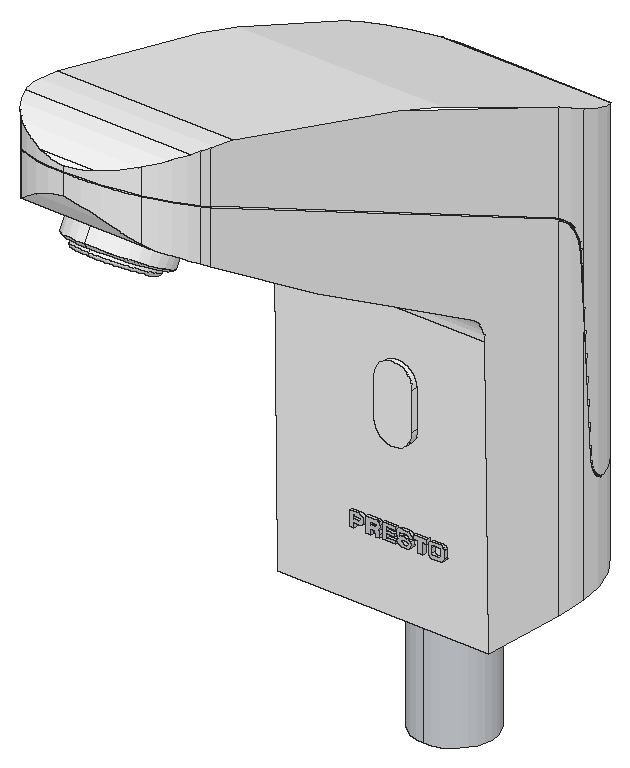
Revit family "55050-presto", category Plumbing Fixtures, Revit 2022
Family settings
  Round Connector Dimension = Use Diameter
  Part Type = Normal
  Work Plane-Based = Yes
  Always vertical = Yes
  Cut with Voids When Loaded = No
  Maintain Annotation Orientation = No
  Shared = No
  Room Calculation Point = No
Parameters (values of type "55050-Les Robinets PRESTO")
  ref = "55050 - PRESTO VOLTA"
  range = "Single deck-mounted sensor tap"
  brand = "Les Robinets PRESTO"
  Working Pressure [instance] = 5 bar
  URL = "https://www.prestodatashare.com/espacedoc/Fiches_Techniques/GB/55050.pdf"
  Thermal resistance [instance] = "Resistant to a temperature of 75°C for 30-minute-thermal-shocks"
  Standards & approvals [instance] = "Molded chrome-plated body in accordance with EN 12540\r\n200-hour neutral salt spray resistant (NSS) in accordance with ISO 9227"
  Security [instance] = "Anti-overflow security time: 30 seconds\r\nAnti-blocking system preventing the water to flow continuously"
  Ref [instance] = "55050 - PRESTO VOLTA"
  Range [instance] = "Single deck-mounted sensor tap"
  Operation [instance] = "Simple press on the lever to activate the water flow"
  Model = "55060"
  Materials [instance] = Stainless Steel AISI 304
  Hydraulic Supply [instance] = 17.00 mm
  Flow Time [instance] = 15.0 s
  Flow [instance] = 3 L/min
  Description = "Simple press on the lever to activate the water flow"
  Delivered with [instance] = "1 Brass clamping nut\r\n1 Gasket and 1 Washer\r\n1 Hose with revolving nut\r\n1 Stop valve MM G 3/8\" (12x17)\r\n1 Filter gasket\r\n1 Self-adhesive sticker\r\nInstruction manual"
  Default Elevation = 1219.2 mm
Reference planes
  plane 1 "Center (Front/Back)": y = 0
  plane 2: z = 0
  plane 3 "Center (Left/Right)": x = 0
  plane 4: z = 0
Forms (mm)
  Extrusion 1, void
    sketch origin (-44.88, -177.543, 0) x (1, 0, 0) y (0, 1, 0)
      loop
        line (17.287, 179.101) -> (23.519, 72.377)
        arc (23.519, 72.377) -> (23.65, 70.998) -> (23.88, 69.633) r 19.121
        arc (23.88, 69.633) -> (26.289, 63.479) -> (30.54, 58.419) r 20.384
        arc (30.54, 58.419) -> (37.893, 54.115) -> (46.287, 52.652) r 23.989
        arc (46.287, 52.652) -> (54.681, 54.114) -> (62.034, 58.419) r 23.984
        arc (62.034, 58.419) -> (66.283, 63.48) -> (68.693, 69.633) r 20.415
        arc (68.693, 69.633) -> (68.924, 70.999) -> (69.054, 72.378) r 19.129
        line (69.054, 72.378) -> (75.287, 179.101)
        arc (75.287, 179.101) -> (75.504, 183.214) -> (75.287, 187.328) r 39.003
        arc (75.287, 187.328) -> (66.216, 207.069) -> (46.287, 215.719) r 30.41
        arc (46.287, 215.719) -> (26.358, 207.069) -> (17.287, 187.328) r 30.41
        arc (17.287, 187.328) -> (17.069, 183.214) -> (17.287, 179.101) r 39.003
      loop
        line (-18.286, 47.118) -> (103.424, 47.118) -> (145.04, 227.376) -> (100.504, 227.376) -> (-43.62, 227.376) -> (-18.286, 47.118)
    from -52.245 to 204.264
  Extrusion 2, solid, not visible
    sketch origin (0, 0, 0) x (0, 1, 0) y (0, 0, 1)
      loop
        arc (203.81, 568.068) -> (142.834, 595.483) -> (78.745, 614.519) r 500
        arc (78.745, 614.519) -> (72.694, 615.577) -> (66.563, 615.961) r 55.671
        arc (66.563, 615.961) -> (59.716, 615.207) -> (53.231, 612.884) r 29.457
        arc (53.231, 612.884) -> (52.098, 612.069) -> (51.284, 610.936) r 4.324
        line (51.284, 610.936) -> (177.783, 554.683)
        arc (177.783, 554.683) -> (183.49, 549.928) -> (186.009, 542.94) r 14.176
        line (186.009, 542.94) -> (189.497, 493.06)
        arc (189.497, 493.06) -> (192.022, 487.767) -> (197.478, 485.618) r 8
        line (197.478, 485.618) -> (216.111, 485.618) -> (214.4, 550.94)
        arc (214.4, 550.94) -> (211.418, 560.934) -> (203.81, 568.068) r 20
    from 4.189 to 90.556
  Extrusion 3, void, not visible
    sketch origin (-0.504, -0.575, 0) x (1, 0, 0) y (0, 1, 0)
      loop
        line (17.287, 179.101) -> (23.519, 72.377)
        arc (23.519, 72.377) -> (23.65, 70.998) -> (23.88, 69.633) r 19.121
        arc (23.88, 69.633) -> (26.289, 63.479) -> (30.54, 58.419) r 20.384
        arc (30.54, 58.419) -> (37.893, 54.115) -> (46.287, 52.652) r 23.989
        arc (46.287, 52.652) -> (54.681, 54.114) -> (62.034, 58.419) r 23.984
        arc (62.034, 58.419) -> (66.283, 63.48) -> (68.693, 69.633) r 20.415
        arc (68.693, 69.633) -> (68.924, 70.999) -> (69.054, 72.378) r 19.129
        line (69.054, 72.378) -> (75.287, 179.101)
        arc (75.287, 179.101) -> (75.504, 183.214) -> (75.287, 187.328) r 39.003
        arc (75.287, 187.328) -> (66.216, 207.069) -> (46.287, 215.719) r 30.41
        arc (46.287, 215.719) -> (26.358, 207.069) -> (17.287, 187.328) r 30.41
        arc (17.287, 187.328) -> (17.069, 183.214) -> (17.287, 179.101) r 39.003
      loop
        line (0.837, 47.118) -> (94.638, 47.118) -> (136.254, 227.376) -> (100.504, 227.376) -> (-24.496, 227.376) -> (0.837, 47.118)
    from 411.721 to 751.996
  Extrusion 4, solid, not visible
    sketch origin (0, -139.425, 0) x (0, 1, 0) y (0, 0, 1)
      loop
        arc (203.81, 568.068) -> (142.834, 595.483) -> (78.745, 614.519) r 500
        arc (78.745, 614.519) -> (72.694, 615.577) -> (66.563, 615.961) r 55.671
        arc (66.563, 615.961) -> (59.716, 615.207) -> (53.231, 612.884) r 29.457
        arc (53.231, 612.884) -> (52.098, 612.069) -> (51.284, 610.936) r 4.324
        line (51.284, 610.936) -> (177.783, 554.683)
        arc (177.783, 554.683) -> (183.49, 549.928) -> (186.009, 542.94) r 14.176
        line (186.009, 542.94) -> (189.497, 493.06)
        arc (189.497, 493.06) -> (192.022, 487.767) -> (197.478, 485.618) r 8
        line (197.478, 485.618) -> (216.111, 485.618) -> (214.4, 550.94)
        arc (214.4, 550.94) -> (211.418, 560.934) -> (203.81, 568.068) r 20
    from 4.189 to 90.556
  Extrusion 5, solid, not visible
    sketch origin (0, -140, 0) x (0, 1, 0) y (0, 0, 1)
      loop
        line (216.111, 485.618) -> (197.478, 485.618)
        arc (197.478, 485.618) -> (192.022, 487.767) -> (189.497, 493.06) r 8
        line (189.497, 493.06) -> (186.009, 542.94)
        arc (186.009, 542.94) -> (183.49, 549.928) -> (177.783, 554.683) r 14.176
        line (177.783, 554.683) -> (51.284, 610.936)
        arc (51.284, 610.936) -> (53.856, 602.332) -> (59.55, 595.389) r 22.801
        line (59.55, 595.389) -> (105.221, 567.493)
        arc (105.221, 567.493) -> (128.624, 554.333) -> (152.231, 541.542) r 1709.935
        arc (152.231, 541.542) -> (155.296, 538.659) -> (156.474, 534.618) r 8
        line (156.474, 534.618) -> (157.766, 460.618) -> (216.766, 460.618) -> (216.111, 485.618)
    from 0 to 83.888
  Extrusion 6, void, not visible
    sketch origin (0, -140, 0) x (1, 0, 0) y (0, 1, 0)
      loop
        line (17.287, 179.101) -> (23.519, 72.377)
        arc (23.519, 72.377) -> (23.65, 70.998) -> (23.88, 69.633) r 19.121
        arc (23.88, 69.633) -> (26.289, 63.479) -> (30.54, 58.419) r 20.384
        arc (30.54, 58.419) -> (37.893, 54.115) -> (46.287, 52.652) r 23.989
        arc (46.287, 52.652) -> (54.681, 54.114) -> (62.034, 58.419) r 23.984
        arc (62.034, 58.419) -> (66.283, 63.48) -> (68.693, 69.633) r 20.415
        arc (68.693, 69.633) -> (68.924, 70.999) -> (69.054, 72.378) r 19.129
        line (69.054, 72.378) -> (75.287, 179.101)
        arc (75.287, 179.101) -> (75.504, 183.214) -> (75.287, 187.328) r 39.003
        arc (75.287, 187.328) -> (66.216, 207.069) -> (46.287, 215.719) r 30.41
        arc (46.287, 215.719) -> (26.358, 207.069) -> (17.287, 187.328) r 30.41
        arc (17.287, 187.328) -> (17.069, 183.214) -> (17.287, 179.101) r 39.003
      loop
        line (-18.286, 47.118) -> (103.424, 47.118) -> (145.04, 227.376) -> (100.504, 227.376) -> (-43.62, 227.376) -> (-18.286, 47.118)
    from 411.721 to 751.996
  Extrusion 7, solid, not visible
    sketch origin (0, -139.425, 0) x (0, 1, 0) y (0, 0, 1)
      loop
        arc (203.81, 568.068) -> (142.834, 595.483) -> (78.745, 614.519) r 500
        arc (78.745, 614.519) -> (72.694, 615.577) -> (66.563, 615.961) r 55.671
        arc (66.563, 615.961) -> (59.716, 615.207) -> (53.231, 612.884) r 29.457
        arc (53.231, 612.884) -> (52.098, 612.069) -> (51.284, 610.936) r 4.324
        line (51.284, 610.936) -> (177.783, 554.683)
        arc (177.783, 554.683) -> (183.49, 549.928) -> (186.009, 542.94) r 14.176
        line (186.009, 542.94) -> (189.497, 493.06)
        arc (189.497, 493.06) -> (192.022, 487.767) -> (197.478, 485.618) r 8
        line (197.478, 485.618) -> (216.111, 485.618) -> (214.4, 550.94)
        arc (214.4, 550.94) -> (211.418, 560.934) -> (203.81, 568.068) r 20
    from 4.189 to 90.556
  Extrusion 8, solid, not visible
    sketch origin (0, -140, 0) x (0, 1, 0) y (0, 0, 1)
      loop
        line (216.111, 485.618) -> (197.478, 485.618)
        arc (197.478, 485.618) -> (192.022, 487.767) -> (189.497, 493.06) r 8
        line (189.497, 493.06) -> (186.009, 542.94)
        arc (186.009, 542.94) -> (183.49, 549.928) -> (177.783, 554.683) r 14.176
        line (177.783, 554.683) -> (51.284, 610.936)
        arc (51.284, 610.936) -> (53.856, 602.332) -> (59.55, 595.389) r 22.801
        line (59.55, 595.389) -> (105.221, 567.493)
        arc (105.221, 567.493) -> (128.624, 554.333) -> (152.231, 541.542) r 1709.935
        arc (152.231, 541.542) -> (155.296, 538.659) -> (156.474, 534.618) r 8
        line (156.474, 534.618) -> (157.766, 460.618) -> (216.766, 460.618) -> (216.111, 485.618)
    from 0 to 83.888
  Extrusion 9, void, not visible
    sketch origin (0, -140, 0) x (1, 0, 0) y (0, 1, 0)
      loop
        line (17.287, 179.101) -> (23.519, 72.377)
        arc (23.519, 72.377) -> (23.65, 70.998) -> (23.88, 69.633) r 19.121
        arc (23.88, 69.633) -> (26.289, 63.479) -> (30.54, 58.419) r 20.384
        arc (30.54, 58.419) -> (37.893, 54.115) -> (46.287, 52.652) r 23.989
        arc (46.287, 52.652) -> (54.681, 54.114) -> (62.034, 58.419) r 23.984
        arc (62.034, 58.419) -> (66.283, 63.48) -> (68.693, 69.633) r 20.415
        arc (68.693, 69.633) -> (68.924, 70.999) -> (69.054, 72.378) r 19.129
        line (69.054, 72.378) -> (75.287, 179.101)
        arc (75.287, 179.101) -> (75.504, 183.214) -> (75.287, 187.328) r 39.003
        arc (75.287, 187.328) -> (66.216, 207.069) -> (46.287, 215.719) r 30.41
        arc (46.287, 215.719) -> (26.358, 207.069) -> (17.287, 187.328) r 30.41
        arc (17.287, 187.328) -> (17.069, 183.214) -> (17.287, 179.101) r 39.003
      loop
        line (-18.286, 47.118) -> (103.424, 47.118) -> (145.04, 227.376) -> (100.504, 227.376) -> (-43.62, 227.376) -> (-18.286, 47.118)
    from 411.721 to 751.996
  Extrusion 10, solid, not visible
    sketch origin (0, 0, 0) x (1, 0, 0) y (0, 1, 0)
      loop
        arc (381.063, 474.295) -> (381.495, 473.863) -> (381.063, 473.431) r 0.432
        arc (381.063, 473.431) -> (380.165, 473.539) -> (379.317, 473.855) r 3.813
        line (379.317, 473.855) -> (378.367, 473.96)
        arc (378.367, 473.96) -> (378.782, 472.988) -> (379.759, 472.587) r 1.393
        line (379.759, 472.587) -> (380.931, 472.587)
        arc (380.931, 472.587) -> (382.166, 473.822) -> (380.931, 475.056) r 1.235
        arc (380.931, 475.056) -> (380.182, 475.122) -> (379.432, 475.056) r 4.333
        arc (379.432, 475.056) -> (379.033, 475.455) -> (379.432, 475.854) r 0.399
        arc (379.432, 475.854) -> (380.249, 475.979) -> (381.066, 475.854) r 2.742
        arc (381.066, 475.854) -> (381.425, 475.618) -> (381.661, 475.259) r 1.065
        line (381.661, 475.259) -> (382.52, 475.259)
        arc (382.52, 475.259) -> (382.141, 476.27) -> (381.193, 476.786) r 1.546
        arc (381.193, 476.786) -> (380.091, 476.865) -> (378.99, 476.786) r 7.787
        arc (378.99, 476.786) -> (378.47, 476.425) -> (378.205, 475.851) r 1.206
        arc (378.205, 475.851) -> (378.46, 474.721) -> (379.434, 474.095) r 1.526
        arc (379.434, 474.095) -> (380.237, 474.294) -> (381.063, 474.295) r 3.414
      loop
        line (367.015, 472.619) -> (367.015, 473.902) -> (368.404, 473.902)
        arc (368.404, 473.902) -> (369.732, 475.231) -> (368.404, 476.559) r 1.329
        line (368.404, 476.559) -> (365.825, 476.559) -> (365.825, 472.619) -> (367.015, 472.619)
      loop
        arc (368.422, 474.835) -> (368.813, 475.225) -> (368.422, 475.616) r 0.391
        line (368.422, 475.616) -> (367.015, 475.616) -> (367.015, 474.835) -> (368.422, 474.835)
      loop
        line (371.36, 473.865) -> (372.495, 473.865) -> (372.784, 472.63) -> (373.936, 472.63) -> (373.936, 473.471)
        arc (373.936, 473.471) -> (373.86, 473.961) -> (373.639, 474.406) r 1.62
        arc (373.639, 474.406) -> (373.94, 475.021) -> (373.927, 475.706) r 1.461
        arc (373.927, 475.706) -> (373.722, 476.399) -> (373.065, 476.699) r 0.871
        line (373.065, 476.699) -> (370.209, 476.699) -> (370.209, 472.63) -> (371.36, 472.63) -> (371.36, 473.865)
      loop
        arc (372.662, 474.834) -> (373.064, 475.236) -> (372.662, 475.638) r 0.402
        line (372.662, 475.638) -> (371.333, 475.638) -> (371.333, 474.834) -> (372.662, 474.834)
      loop
        line (377.979, 473.431) -> (375.785, 473.431) -> (375.785, 474.256) -> (377.764, 474.256) -> (377.764, 475.056) -> (375.785, 475.056) -> (375.785, 475.851) -> (377.979, 475.851) -> (377.979, 476.751) -> (374.574, 476.751) -> (374.574, 472.63) -> (377.979, 472.63) -> (377.979, 473.431)
      loop
        line (383.943, 472.652) -> (385.16, 472.652) -> (385.16, 475.5) -> (386.287, 475.5) -> (386.287, 476.583) -> (382.778, 476.583) -> (382.778, 475.5) -> (383.943, 475.5) -> (383.943, 472.652)
      loop
        arc (386.614, 473.692) -> (386.911, 472.974) -> (387.629, 472.677) r 1.015
        line (387.629, 472.677) -> (389.822, 472.677)
        arc (389.822, 472.677) -> (390.535, 472.972) -> (390.831, 473.685) r 1.009
        line (390.831, 473.685) -> (390.831, 475.585)
        arc (390.831, 475.585) -> (390.544, 476.279) -> (389.851, 476.566) r 0.98
        line (389.851, 476.566) -> (387.602, 476.566)
        arc (387.602, 476.566) -> (386.903, 476.276) -> (386.614, 475.577) r 0.989
        line (386.614, 475.577) -> (386.614, 473.692)
      loop
        arc (387.526, 474.034) -> (387.69, 473.637) -> (388.087, 473.472) r 0.562
        line (388.087, 473.472) -> (389.449, 473.472)
        arc (389.449, 473.472) -> (389.846, 473.637) -> (390.01, 474.034) r 0.562
        line (390.01, 474.034) -> (390.01, 475.35)
        arc (390.01, 475.35) -> (389.877, 475.713) -> (389.541, 475.904) r 0.562
        line (389.541, 475.904) -> (387.996, 475.904)
        arc (387.996, 475.904) -> (387.659, 475.713) -> (387.526, 475.35) r 0.562
        line (387.526, 475.35) -> (387.526, 474.034)
    from 142.047 to 163.018
  Extrusion 11, solid, material "Stainless Steel AISI 304"
    sketch origin (-44.88, -176.968, -460.618) x (0, 1, 0) y (0, 0, 1)
      loop
        arc (203.81, 568.068) -> (142.834, 595.483) -> (78.745, 614.519) r 500
        arc (78.745, 614.519) -> (72.694, 615.577) -> (66.563, 615.961) r 55.671
        arc (66.563, 615.961) -> (59.716, 615.207) -> (53.231, 612.884) r 29.457
        arc (53.231, 612.884) -> (52.098, 612.069) -> (51.284, 610.936) r 4.324
        line (51.284, 610.936) -> (177.783, 554.683)
        arc (177.783, 554.683) -> (183.49, 549.928) -> (186.009, 542.94) r 14.176
        line (186.009, 542.94) -> (189.497, 493.06)
        arc (189.497, 493.06) -> (192.022, 487.767) -> (197.478, 485.618) r 8
        line (197.478, 485.618) -> (216.111, 485.618) -> (214.4, 550.94)
        arc (214.4, 550.94) -> (211.418, 560.934) -> (203.81, 568.068) r 20
    from 4.189 to 90.556
  Extrusion 12, solid, material "Stainless Steel AISI 304"
    sketch origin (-44.88, -177.543, -460.618) x (0, 1, 0) y (0, 0, 1)
      loop
        line (216.111, 485.618) -> (197.478, 485.618)
        arc (197.478, 485.618) -> (192.022, 487.767) -> (189.497, 493.06) r 8
        line (189.497, 493.06) -> (186.009, 542.94)
        arc (186.009, 542.94) -> (183.49, 549.928) -> (177.783, 554.683) r 14.176
        line (177.783, 554.683) -> (51.284, 610.936)
        arc (51.284, 610.936) -> (53.856, 602.332) -> (59.55, 595.389) r 22.801
        line (59.55, 595.389) -> (105.221, 567.493)
        arc (105.221, 567.493) -> (128.624, 554.333) -> (152.231, 541.542) r 1709.935
        arc (152.231, 541.542) -> (155.296, 538.659) -> (156.474, 534.618) r 8
        line (156.474, 534.618) -> (157.766, 460.618) -> (216.766, 460.618) -> (216.111, 485.618)
    from 0 to 83.888
  Extrusion 13, solid, material "Stainless Steel AISI 304"
    sketch origin (-39.995, 32.457, -460.618) x (0, 1, 0) y (0, 0, 1)
      loop
        arc (-27.484, 509.557) -> (-30.69, 495.638) -> (-31.636, 481.387) r 89.278
        arc (-31.636, 481.387) -> (-31.614, 479.727) -> (-31.673, 478.068) r 34.117
        arc (-31.673, 478.068) -> (-29.603, 472.475) -> (-24.144, 470.118) r 7.5
        arc (-24.144, 470.118) -> (-18.686, 472.476) -> (-16.658, 478.065) r 7.5
        arc (-16.658, 478.065) -> (-16.675, 479.726) -> (-16.653, 481.386) r 34.168
        arc (-16.653, 481.386) -> (-17.599, 495.638) -> (-20.806, 509.557) r 89.278
        arc (-20.806, 509.557) -> (-21.05, 510.317) -> (-21.301, 511.075) r 89.278
        arc (-21.301, 511.075) -> (-22.405, 512.507) -> (-24.145, 512.999) r 2.882
        spline (-24.145, 512.999) -> (-24.458, 512.992) -> (-24.767, 512.952) -> (-25.07, 512.882) -> (-25.362, 512.781) -> (-25.641, 512.651) -> (-25.904, 512.492) -> (-26.147, 512.308) -> (-26.369, 512.1) -> (-26.565, 511.87) -> (-26.735, 511.62) -> (-26.877, 511.354) -> (-26.988, 511.075)
        arc (-26.988, 511.075) -> (-27.239, 510.317) -> (-27.484, 509.557) r 89.278
    from 7.846 to 17.287
  Revolve 14, solid, material "Stainless Steel AISI 304"
    sketch origin (2.471, 33.868, -461.108) x (0, 1, 0) y (0, 0, 1)
      loop
        line (-151.336, 595.431) -> (-153.319, 591.995) -> (-152.684, 590.895) -> (-151.439, 590.176) -> (-151.913, 589.356)
        arc (-151.913, 589.356) -> (-151.983, 588.821) -> (-151.655, 588.394) r 0.704
        line (-151.655, 588.394) -> (-144.634, 584.34) -> (-141.507, 589.756) -> (-151.336, 595.431)
      axis (-140.478, 589.162) -> (-143.605, 583.746)
    angle from 0 to 360
  Extrusion 15, solid, material "Stainless Steel AISI 304"
    sketch origin (-39.995, 32.457, -460.618) x (0, 1, 0) y (0, 0, 1)
      loop
        circle (-24.145, 480.118) r 3
      loop
        line (-25.645, 480.984) -> (-25.645, 479.252) -> (-24.145, 478.386) -> (-22.645, 479.252) -> (-22.645, 480.984) -> (-24.145, 481.85) -> (-25.645, 480.984)
      loop
        circle (-24.145, 480.118) r 3.5
    from 6.689 to 17.287
  Extrusion 16, solid, material "Stainless Steel AISI 304"
    sketch origin (-39.995, 32.457, -460.618) x (1, 0, 0) y (0, 0, 1)
      loop
        arc (50.828, 517.309) -> (45.828, 522.309) -> (40.828, 517.309) r 5
        line (40.828, 517.309) -> (40.828, 507.309)
        arc (40.828, 507.309) -> (45.828, 502.309) -> (50.828, 507.309) r 5
        line (50.828, 507.309) -> (50.828, 517.309)
    from 21.301 to 54.718
  Extrusion 17, solid
    sketch origin (-372.495, 142.047, -454.665) x (1, 0, 0) y (0, 0, 1)
      loop
        line (367.015, 472.619) -> (367.015, 473.902) -> (368.404, 473.902)
        arc (368.404, 473.902) -> (369.732, 475.231) -> (368.404, 476.559) r 1.329
        line (368.404, 476.559) -> (365.825, 476.559) -> (365.825, 472.619) -> (367.015, 472.619)
      loop
        arc (368.422, 474.835) -> (368.813, 475.225) -> (368.422, 475.616) r 0.391
        line (368.422, 475.616) -> (367.015, 475.616) -> (367.015, 474.835) -> (368.422, 474.835)
      loop
        line (371.36, 473.865) -> (372.495, 473.865) -> (372.784, 472.63) -> (373.936, 472.63) -> (373.936, 473.471)
        arc (373.936, 473.471) -> (373.86, 473.961) -> (373.639, 474.406) r 1.62
        arc (373.639, 474.406) -> (373.94, 475.021) -> (373.927, 475.706) r 1.461
        arc (373.927, 475.706) -> (373.722, 476.399) -> (373.065, 476.699) r 0.871
        line (373.065, 476.699) -> (370.209, 476.699) -> (370.209, 472.63) -> (371.36, 472.63) -> (371.36, 473.865)
      loop
        arc (372.662, 474.834) -> (373.064, 475.236) -> (372.662, 475.638) r 0.402
        line (372.662, 475.638) -> (371.333, 475.638) -> (371.333, 474.834) -> (372.662, 474.834)
      loop
        line (377.979, 473.431) -> (375.785, 473.431) -> (375.785, 474.256) -> (377.764, 474.256) -> (377.764, 475.056) -> (375.785, 475.056) -> (375.785, 475.851) -> (377.979, 475.851) -> (377.979, 476.751) -> (374.574, 476.751) -> (374.574, 472.63) -> (377.979, 472.63) -> (377.979, 473.431)
      loop
        line (379.759, 472.587) -> (380.931, 472.587)
        arc (380.931, 472.587) -> (382.166, 473.822) -> (380.931, 475.056) r 1.235
        arc (380.931, 475.056) -> (380.182, 475.122) -> (379.432, 475.056) r 4.333
        arc (379.432, 475.056) -> (379.033, 475.455) -> (379.432, 475.854) r 0.399
        arc (379.432, 475.854) -> (380.249, 475.979) -> (381.066, 475.854) r 2.742
        arc (381.066, 475.854) -> (381.425, 475.618) -> (381.661, 475.259) r 1.065
        line (381.661, 475.259) -> (382.52, 475.259)
        arc (382.52, 475.259) -> (382.141, 476.27) -> (381.193, 476.786) r 1.546
        arc (381.193, 476.786) -> (380.091, 476.865) -> (378.99, 476.786) r 7.787
        arc (378.99, 476.786) -> (378.47, 476.425) -> (378.205, 475.851) r 1.206
        arc (378.205, 475.851) -> (378.46, 474.721) -> (379.434, 474.095) r 1.526
        arc (379.434, 474.095) -> (380.237, 474.294) -> (381.063, 474.295) r 3.414
        arc (381.063, 474.295) -> (381.495, 473.863) -> (381.063, 473.431) r 0.432
        arc (381.063, 473.431) -> (380.165, 473.539) -> (379.317, 473.855) r 3.813
        line (379.317, 473.855) -> (378.367, 473.96)
        arc (378.367, 473.96) -> (378.782, 472.988) -> (379.759, 472.587) r 1.393
      loop
        line (383.943, 472.652) -> (385.16, 472.652) -> (385.16, 475.5) -> (386.287, 475.5) -> (386.287, 476.583) -> (382.778, 476.583) -> (382.778, 475.5) -> (383.943, 475.5) -> (383.943, 472.652)
      loop
        arc (386.614, 473.692) -> (386.911, 472.974) -> (387.629, 472.677) r 1.015
        line (387.629, 472.677) -> (389.822, 472.677)
        arc (389.822, 472.677) -> (390.535, 472.972) -> (390.831, 473.685) r 1.009
        line (390.831, 473.685) -> (390.831, 475.585)
        arc (390.831, 475.585) -> (390.544, 476.279) -> (389.851, 476.566) r 0.98
        line (389.851, 476.566) -> (387.602, 476.566)
        arc (387.602, 476.566) -> (386.903, 476.276) -> (386.614, 475.577) r 0.989
        line (386.614, 475.577) -> (386.614, 473.692)
      loop
        arc (387.526, 474.034) -> (387.69, 473.637) -> (388.087, 473.472) r 0.562
        line (388.087, 473.472) -> (389.449, 473.472)
        arc (389.449, 473.472) -> (389.846, 473.637) -> (390.01, 474.034) r 0.562
        line (390.01, 474.034) -> (390.01, 475.35)
        arc (390.01, 475.35) -> (389.877, 475.713) -> (389.541, 475.904) r 0.562
        line (389.541, 475.904) -> (387.996, 475.904)
        arc (387.996, 475.904) -> (387.659, 475.713) -> (387.526, 475.35) r 0.562
        line (387.526, 475.35) -> (387.526, 474.034)
    from 142.047 to 163.018
  Revolve 18, solid
    sketch origin (1.385, -166.676, -1.764) x (0, 1, 0) y (0, 0, 1)
      loop
        line (170.21, 6.858) -> (160.21, 6.858) -> (160.21, -35) -> (170.21, -35) -> (170.21, 6.858)
      axis (170.21, 6.858) -> (170.21, -35)
    angle from 0 to 360
Cuts and joins
  Extrusion 1 cuts Extrusion 11
  Extrusion 1 cuts Extrusion 12
Dimensions and locks
  aligned and locked: level to plane 2
Connectors
  piping at (1.406, 3.044, 0), diameter 17
    settings: on cut or joined group of Extrusion 1, Extrusion 12, index 1, connector inside diameter 609.6 mm, connector length 0 mm, flow factor 0, pipe flow 0 L/min, pressure drop 0 bar, fitting loss kfactor 0, connector angle 0.00°, fixture units 0, engagement length 0 mm, angle of deflection 0.00°, flow configuration 0, flow direction 0, fitting loss method 0, system type 7, joint type 0, gender type 0, connector reference index -1, connector utility 0, adjustable connector no, is connector primary yes, connector description ""
